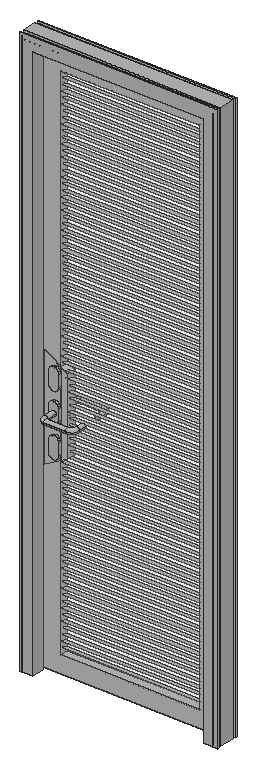
Revit family "Doors_Swing_Avanti_Systems_Acoustic-Dbl-Glazed", category Doors, Revit 2026 (continued)
Definition of nested family "Blinds"
  Dimensions and locks (in)
    "Width": Sweep 1 sketch curve to Sweep 1 sketch curve
    "Width": Sweep 2 sketch curve to Sweep 2 sketch curve
    equal spacing: group 1, group 2, group 3, group 4, group 5, group 6, group 7, group 8, group 9, group 10, group 11, group 12, group 13, group 14, group 15, group 16, group 17, group 18, group 19, group 20, group 21, group 22, group 23, group 24, group 25, group 26, group 27, group 28, group 29, group 30, group 31, group 32, group 33, group 34, group 35, group 36, group 37, group 38, group 39, group 40, group 41, group 42, group 43, group 44, group 45, group 46, group 47, group 48, group 49, group 50, group 51, group 52, group 53, group 54, group 55, group 56, group 57, group 58, group 59, group 60, group 61, group 62, group 63, group 64, group 65, group 66, group 67, group 68, group 69, group 70, group 71, group 72, group 73, group 74, group 75, group 76, group 77, group 78, group 79, group 80, group 81, group 82, group 83, group 84, group 85, group 86, group 87, group 88  (x2)
    equal spacing: group 88, group 87, group 86, group 85, group 84, group 83, group 82, group 81, group 80, group 79, group 78, group 77, group 76, group 75, group 74, group 73, group 72, group 71, group 70, group 69, group 68, group 67, group 66, group 65, group 64, group 63, group 62, group 61, group 60, group 59, group 58, group 57, group 56, group 55, group 54, group 53, group 52, group 51, group 50, group 49, group 48, group 47, group 46, group 45, group 44, group 43, group 42, group 41, group 40, group 39, group 38, group 37, group 36, group 35, group 34, group 33, group 32, group 31, group 30, group 29, group 28, group 27, group 26, group 25, group 24, group 23, group 22, group 21, group 20, group 19, group 18, group 17, group 16, group 15, group 14, group 13, group 12, group 11, group 10, group 9, group 8, group 7, group 6, group 5, group 4, group 3, group 2, group 1
    "Width": Sweep 3 sketch curve to Sweep 3 sketch curve
    "Width": Sweep 4 sketch curve to Sweep 4 sketch curve
    "Width": Sweep 5 sketch curve to Sweep 5 sketch curve
    "Width": Sweep 6 sketch curve to Sweep 6 sketch curve
    "Width": Sweep 7 sketch curve to Sweep 7 sketch curve
    "Width": Sweep 8 sketch curve to Sweep 8 sketch curve
    "Width": Sweep 9 sketch curve to Sweep 9 sketch curve
    "Width": Sweep 10 sketch curve to Sweep 10 sketch curve
    "Width": Sweep 11 sketch curve to Sweep 11 sketch curve
    "Width": Sweep 12 sketch curve to Sweep 12 sketch curve
    "Width": Sweep 13 sketch curve to Sweep 13 sketch curve
    "Width": Sweep 14 sketch curve to Sweep 14 sketch curve
    "Width": Sweep 15 sketch curve to Sweep 15 sketch curve
    "Width": Sweep 16 sketch curve to Sweep 16 sketch curve
    "Width": Sweep 17 sketch curve to Sweep 17 sketch curve
    "Width": Sweep 18 sketch curve to Sweep 18 sketch curve
    "Width": Sweep 19 sketch curve to Sweep 19 sketch curve
    "Width": Sweep 20 sketch curve to Sweep 20 sketch curve
    "Width": Sweep 21 sketch curve to Sweep 21 sketch curve
    "Width": Sweep 22 sketch curve to Sweep 22 sketch curve
    "Width": Sweep 23 sketch curve to Sweep 23 sketch curve
    "Width": Sweep 24 sketch curve to Sweep 24 sketch curve
    "Width": Sweep 25 sketch curve to Sweep 25 sketch curve
    "Width": Sweep 26 sketch curve to Sweep 26 sketch curve
    "Width": Sweep 27 sketch curve to Sweep 27 sketch curve
    "Width": Sweep 28 sketch curve to Sweep 28 sketch curve
    "Width": Sweep 29 sketch curve to Sweep 29 sketch curve
    "Width": Sweep 30 sketch curve to Sweep 30 sketch curve
    "Width": Sweep 31 sketch curve to Sweep 31 sketch curve
    "Width": Sweep 32 sketch curve to Sweep 32 sketch curve
    "Width": Sweep 33 sketch curve to Sweep 33 sketch curve
    "Width": Sweep 34 sketch curve to Sweep 34 sketch curve
    "Width": Sweep 35 sketch curve to Sweep 35 sketch curve
    "Width": Sweep 36 sketch curve to Sweep 36 sketch curve
    "Width": Sweep 37 sketch curve to Sweep 37 sketch curve
    "Width": Sweep 38 sketch curve to Sweep 38 sketch curve
    "Width": Sweep 39 sketch curve to Sweep 39 sketch curve
    "Width": Sweep 40 sketch curve to Sweep 40 sketch curve
    "Width": Sweep 41 sketch curve to Sweep 41 sketch curve
    "Width": Sweep 42 sketch curve to Sweep 42 sketch curve
    "Width": Sweep 43 sketch curve to Sweep 43 sketch curve
    "Width": Sweep 44 sketch curve to Sweep 44 sketch curve
    "Width": Sweep 45 sketch curve to Sweep 45 sketch curve
    "Width": Sweep 46 sketch curve to Sweep 46 sketch curve
    "Width": Sweep 47 sketch curve to Sweep 47 sketch curve
    "Width": Sweep 48 sketch curve to Sweep 48 sketch curve
    "Width": Sweep 49 sketch curve to Sweep 49 sketch curve
    "Width": Sweep 50 sketch curve to Sweep 50 sketch curve
    "Width": Sweep 51 sketch curve to Sweep 51 sketch curve
    "Width": Sweep 52 sketch curve to Sweep 52 sketch curve
    "Width": Sweep 53 sketch curve to Sweep 53 sketch curve
    "Width": Sweep 54 sketch curve to Sweep 54 sketch curve
    "Width": Sweep 55 sketch curve to Sweep 55 sketch curve
    "Width": Sweep 56 sketch curve to Sweep 56 sketch curve
    "Width": Sweep 57 sketch curve to Sweep 57 sketch curve
    "Width": Sweep 58 sketch curve to Sweep 58 sketch curve
    "Width": Sweep 59 sketch curve to Sweep 59 sketch curve
    "Width": Sweep 60 sketch curve to Sweep 60 sketch curve
    "Width": Sweep 61 sketch curve to Sweep 61 sketch curve
    "Width": Sweep 62 sketch curve to Sweep 62 sketch curve
    "Width": Sweep 63 sketch curve to Sweep 63 sketch curve
    "Width": Sweep 64 sketch curve to Sweep 64 sketch curve
    "Width": Sweep 65 sketch curve to Sweep 65 sketch curve
    "Width": Sweep 66 sketch curve to Sweep 66 sketch curve
    "Width": Sweep 67 sketch curve to Sweep 67 sketch curve
    "Width": Sweep 68 sketch curve to Sweep 68 sketch curve
    "Width": Sweep 69 sketch curve to Sweep 69 sketch curve
    "Width": Sweep 70 sketch curve to Sweep 70 sketch curve
    "Width": Sweep 71 sketch curve to Sweep 71 sketch curve
    "Width": Sweep 72 sketch curve to Sweep 72 sketch curve
    "Width": Sweep 73 sketch curve to Sweep 73 sketch curve
    "Width": Sweep 74 sketch curve to Sweep 74 sketch curve
    "Width": Sweep 75 sketch curve to Sweep 75 sketch curve
    "Width": Sweep 76 sketch curve to Sweep 76 sketch curve
    "Width": Sweep 77 sketch curve to Sweep 77 sketch curve
    "Width": Sweep 78 sketch curve to Sweep 78 sketch curve
    "Width": Sweep 79 sketch curve to Sweep 79 sketch curve
    "Width": Sweep 80 sketch curve to Sweep 80 sketch curve
    "Width": Sweep 81 sketch curve to Sweep 81 sketch curve
    "Width": Sweep 82 sketch curve to Sweep 82 sketch curve
    "Width": Sweep 83 sketch curve to Sweep 83 sketch curve
    "Width": Sweep 84 sketch curve to Sweep 84 sketch curve
    "Width": Sweep 85 sketch curve to Sweep 85 sketch curve
    "Width": Sweep 86 sketch curve to Sweep 86 sketch curve
    "Width": Sweep 87 sketch curve to Sweep 87 sketch curve
    "Width": Sweep 88 sketch curve to Sweep 88 sketch curve
    "Height": plane 4 to plane 5
    equal spacing: plane 4, plane 1 "Center (Front/Back)", plane 5
    aligned and locked: level to plane 2
    aligned and locked: Sweep 1 to plane 4
    aligned and locked: plane 5 to Sweep 88
Definition of nested family "Hinge"
  Parameters (values of type "Family4")
    Material = none
    Default Elevation = 4' - 0"
  Reference planes (in)
    plane 1 "Center (Front/Back)": y = 0
    plane 2: z = 0
    plane 3 "Center (Left/Right)": x = 0
  Forms (in)
    Extrusion 1, solid, material <- "Material"
      sketch origin (0, 0, 0) x (1, 0, 0) y (0, 0, 1)
        loop
          circle (0, 0.25) r 0.25
      from 0 to 4.5
  Lines and regions (in)
    reference lines
      curve 1: line (-0.25, 0, 0) -> (-0.25, -4.5, 0)
      curve 2: line (-0.25, -2.25, 0) -> (0.25, -2.25, 0)
      curve 3: line (0.25, -4.5, 0) -> (0.25, 0, 0)
  Dimensions and locks (in)
    aligned and locked: level to plane 2
Definition of nested family "Handle"
  Parameters (values of type "Lever Handle")
    Width = 2' - 4.58379"
    Type = 1
    Thickness = 0' - 1 3/4"
    Ladder = if(Type = 3, 1 = 1, 1 = 0)  # no
    Panic hardware = if(Type = 4, 1 = 1, 1 = 0)  # no
    Material = none
    Locker [instance] = yes
    Height = 7' - 7.651"
    Glass door = if(Type = 2, 1 = 1, 1 = 0)  # no
    Framed door = if(Type = 1, 1 = 1, 1 = 0)  # yes
    Default Elevation = 4' - 0"
  Reference planes (in)
    plane 1 "Center (Front/Back)": y = 0
    plane 2: z = 0
    plane 3 "Center (Left/Right)": x = 0
    plane 4 "door_up": z = -1.375
    plane 5 "door_down": z = -3.125
    plane 6: z = -4.5
    plane 7: x = -1.25
    plane 8: x = -17.61529
    plane 9: x = -20.33379
    plane 10: x = -17.61529
    plane 11: y = 53.026
    plane 12: y = 0.625
    plane 13: y = 11.125
    plane 14: y = 53.651
    plane 15: y = -38
    plane 16: x = -24.45879
    plane 17 "door": x = 4.125
    plane 18: x = 1.625
    plane 19: y = -20
    plane 20: z = -1.5625
    plane 21: z = -2.9375
  Forms (in)
    Sweep 1, solid, material <- "Material", visible <- "Panic hardware"
      path origin (0, 0, 0) x (1, 0, 0) y (0, 1, 0)
        loop
          line (-1.25, 53.026) -> (-1.25, 4.25)
          arc (-1.25, 4.25) -> (-2.12868, 2.12868) -> (-4.25, 1.25) r 3
          line (-4.25, 1.25) -> (-17.61529, 1.25)
      profile origin (-1.25, 28.638, 0) x (1, 0, 0) y (0, 0, 1)
        loop
          circle (0.625, 0.625) r 0.625
    Sweep 2, solid, material <- "Material", visible <- "Panic hardware"
      path origin (0, 0, 0) x (1, 0, 0) y (0, 0, 1)
        loop
          line (-17.61529, 0) -> (-18.36529, 0)
          arc (-18.36529, 0) -> (-18.87334, -0.21044) -> (-19.08379, -0.7185) r 0.7185
          line (-19.08379, -0.7185) -> (-19.08379, -1.375)
      profile origin (-17.99029, 0, 0) x (0, 0, -1) y (0, -1, 0)
        loop
          circle (-0.625, -0.625) r 0.625
    Sweep 3, solid, material <- "Material", visible <- "Panic hardware"
      path origin (0, 0, -6.75) x (1, 0, 0) y (0, 0, -1)
        loop
          line (-17.61529, -2.25) -> (-18.36529, -2.25)
          arc (-18.36529, -2.25) -> (-18.87334, -2.46044) -> (-19.08379, -2.9685) r 0.7185
          line (-19.08379, -2.9685) -> (-19.08379, -3.625)
      profile origin (-17.99029, 0, -4.5) x (0, 0, -1) y (0, -1, 0)
        loop
          circle (0.625, -0.625) r 0.625
    Sweep 4, solid, material <- "Material", visible <- "Panic hardware"
      path origin (-30, 0, -6.75) x (-1, 0, 0) y (0, 0, -1)
        loop
          line (-12.38471, -2.25) -> (-28.0315, -2.25)
          arc (-28.0315, -2.25) -> (-28.53956, -2.46044) -> (-28.75, -2.9685) r 0.7185
          line (-28.75, -2.9685) -> (-28.75, -3.625)
      profile origin (-9.79189, 0, -4.5) x (0, 0, 1) y (0, -1, 0)
        loop
          circle (-0.625, -0.625) r 0.625
    Extrusion 5, solid, material <- "Material", visible <- "Framed door", not visible
      sketch origin (0, 0, 0) x (1, 0, 0) y (0, 1, 0)
        loop
          line (1.92578, 8.41673) -> (-1.87348, 6.31076) -> (-1.87348, 0.00893) -> (-1.87348, -6.31076) -> (1.92578, -8.41673) -> (1.92578, 0.00435) -> (1.92578, 8.41673)
      from -1.375 to -1.20804
    Extrusion 6, solid, material <- "Material", visible <- "Framed door"
      sketch origin (0, 0, -4.5) x (0, -1, 0) y (1, 0, 0)
        loop
          line (-8.41673, 1.92578) -> (-6.31076, -1.87348) -> (-0.00893, -1.87348) -> (6.31076, -1.87348) -> (8.41673, 1.92578) -> (-0.00435, 1.92578) -> (-8.41673, 1.92578)
      from 1.5625 to 2.9375
    Extrusion 7, solid, material <- "Material", visible <- "Framed door", not visible
      sketch origin (0, 0, -4.5) x (0, -1, 0) y (1, 0, 0)
        loop
          line (-8.41673, 1.92578) -> (-6.31076, -1.87348) -> (-0.00893, -1.87348) -> (6.31076, -1.87348) -> (8.41673, 1.92578) -> (-0.00435, 1.92578) -> (-8.41673, 1.92578)
      from 1.5625 to 2.9375
  Cuts and joins
    joined: Sweep 1, Sweep 2
    joined: Sweep 3, Sweep 4
  Dimensions and locks (in)
    "Thickness": plane 5 "door_down" to plane 4 "door_up"
    locked: plane 3 "Center (Left/Right)" to plane 7 at 1.25
    locked: plane 9 to plane 8 at 2.7185
    locked: plane 9 to Sweep 3 sketch curve at 1.25
    locked: Sweep 2 sketch curve to plane 9 at 1.25
    locked: plane 10 to plane 9 at 2.7185
    locked: Sweep 1 sketch curve to plane 1 "Center (Front/Back)" at 1.25
    locked: plane 3 "Center (Left/Right)" to nested 1 at 0.125
    locked: plane 4 "door_up" to plane 2 at 1.375
    locked: plane 6 to plane 5 "door_down" at 1.375
    locked: plane 12 to plane 1 "Center (Front/Back)" at 0.625
    locked: plane 13 to plane 12 at 10.5
    locked: plane 14 to plane 11 at 0.625
    "Height": plane 14 to plane 15
    locked: plane 1 "Center (Front/Back)" to plane 15 at 38
    locked: plane 3 "Center (Left/Right)" to plane 17 "door" at 4.125
    "Width": plane 16 to plane 17 "door"
    locked: plane 16 to plane 10 at 6.8435
    locked: plane 18 to plane 17 "door" at 2.5
    Extrusion 6 to Extrusion 6 = 0' - 1 3/8"
    locked: plane 4 "door_up" to plane 20 at 0.1875
    locked: plane 21 to plane 5 "door_down" at 0.1875
    aligned and locked: level to plane 2
    aligned and locked: cut or joined group of Sweep 1, Sweep 2 to plane 4 "door_up"
    aligned and locked: plane 4 "door_up" to Sweep 2 sketch curve
    aligned and locked: plane 5 "door_down" to Sweep 3 sketch curve
    aligned and locked: plane 6 to Sweep 3 sketch curve
    aligned and locked: plane 7 to Sweep 4 sketch curve
    aligned and locked: Sweep 4 sketch curve to plane 6
    aligned and locked: plane 8 to Sweep 4 sketch curve
    aligned and locked: plane 8 to Sweep 3 sketch curve
    aligned and locked: plane 10 to Sweep 2 sketch curve
    aligned and locked: plane 10 to Sweep 1 sketch curve
    aligned and locked: plane 11 to Sweep 1 sketch curve
    aligned and locked: plane 5 "door_down" to Sweep 4 sketch curve
    aligned and locked: nested 1 to plane 4 "door_up"
    aligned and locked: plane 13 to nested 1
    aligned and locked: nested 2 to plane 11
    aligned and locked: plane 1 "Center (Front/Back)" to nested 3
    aligned and locked: nested 4 to plane 1 "Center (Front/Back)"
    aligned and locked: nested 4 to plane 3 "Center (Left/Right)"
    aligned and locked: plane 3 "Center (Left/Right)" to nested 3
    aligned and locked: plane 20 to Extrusion 6
    aligned and locked: Extrusion 6 to plane 21
  Nested families (in)
    nested 1: "Family2" at (-1.125, 11.125, 0.22234), visible <- "Panic hardware", type "Family2"
    nested 2: "Family3" at (-0.26102, 53.026, -1.63602), visible <- "Panic hardware", type "Family3"
      with Thickness 0' - 1 3/4"
    nested 3: "Handle Timber" at (0, 0, -3.125), Locker <- "Locker", visible <- "Framed door", type "Handle Timber"
      with Locker yes
    nested 4: "Handle Timber" at (0, 0, -1.375) x (1, 0, 0) z (0, 0, -1), Locker <- "Locker", visible <- "Framed door", type "Handle Timber"
      with Locker yes
    nested 5: "Handle Timber" at (0, 0, -1.375) x (1, 0, 0) z (0, 0.0003, -1), Locker <- "Locker", visible <- "Framed door", type "Handle Timber", not visible
      with Locker yes
    nested 6: "Handle Timber" at (0, 0, -1.375) x (1, 0, 0) z (0, 0, -1), Locker <- "Locker", visible <- "Framed door", type "Handle Timber", not visible
      with Locker yes
    nested 7: "Handle Timber" at (0, 0, -3.125), Locker <- "Locker", visible <- "Framed door", type "Handle Timber", not visible
      with Locker yes
  Definition of nested family "Family2"
    Parameters (values of type "Family2")
      Thickness = 0' - 0 1/2"
      Material = none
      Lock = yes
      Default Elevation = 0' - 0"
    Reference planes (in)
      plane 1 "Center (Front/Back)": y = 0
      plane 2: z = 0
      plane 3 "Center (Left/Right)": x = 0
      plane 4: z = -2.09734
      plane 5: z = -1.59734
    Forms (in)
      Extrusion 1, solid, material <- "Material"
        sketch origin (0, 0, 0) x (0, 1, 0) y (0, 0, 1)
          loop
            line (5.04078, -0.345) -> (5.04078, 0) -> (-2.39922, 0) -> (-2.39922, -0.345) -> (5.04078, -0.345)
        from 0 to 1
      Extrusion 2, solid, material <- "Material"
        sketch origin (0, 0, 0) x (0, 1, 0) y (0, 0, 1)
          loop
            line (-0.3074, -0.345) -> (-1.4374, -0.345) -> (-1.4374, -1.31734) -> (-0.3074, -1.31734) -> (-0.3074, -0.345)
        from 0.32565 to 0.66353
      Extrusion 3, solid, material <- "Material"
        sketch origin (0, 0, 0) x (0, 1, 0) y (0, 0, 1)
          loop
            line (-1.4374, -1.31734) -> (-1.4374, -1.59734) -> (1.43807, -1.59734) -> (1.43807, -1.31734) -> (-1.4374, -1.31734)
        from 0 to 1
      Extrusion 4, solid, material <- "Material"
        sketch origin (0, 0, 0) x (0, 1, 0) y (0, 0, 1)
          loop
            arc (-3.2641, -0.65221) -> (-3.242, -0.64306) -> (-3.23285, -0.62096) r 0.03125
            line (-3.23285, -0.62096) -> (-3.23285, 0) -> (-3.4516, 0) -> (-3.4516, -0.62096)
            arc (-3.4516, -0.62096) -> (-3.44244, -0.64306) -> (-3.42035, -0.65221) r 0.03125
            line (-3.42035, -0.65221) -> (-3.2641, -0.65221)
        from 0.32565 to 0.66353
      Extrusion 5, solid, material <- "Material", visible <- "Lock", not visible
        sketch origin (1, 0, 0) x (0, 1, 0) y (0, 0, 1)
          loop
            circle (0.20853, -3.12734) r 0.58
          loop
            circle (0.20853, -3.12734) r 0.5625
          loop
            circle (-0.07272, -3.12734) r 0.22671
        from 0 to 0.25
      Extrusion 6, solid, material <- "Material", visible <- "Lock", not visible
        sketch origin (1, 0, 0) x (0, 1, 0) y (0, 0, 1)
          loop
            circle (0.20853, -3.12734) r 0.5625
        from 0 to 0.20472
    Lines and regions (in)
      model lines, not visible
        curve 1: line (0, -0.35397, -3.12734) -> (0, 0.39603, -3.12734)
    Dimensions and locks (in)
      "Thickness": plane 4 to plane 5
      locked: plane 5 to plane 2 at 1.59734
      aligned and locked: level to plane 2
      aligned and locked: plane 5 to Extrusion 3 sketch curve
      aligned and locked: Extrusion 3 sketch curve to Extrusion 2
  Definition of nested family "Family3"
    Parameters (values of type "Family3")
      Thickness = 0' - 0 1/2"
      Material = none
      Default Elevation = 0' - 0"
    Reference planes (in)
      plane 1 "Center (Front/Back)": y = 0
      plane 2: z = 0
      plane 3 "Center (Left/Right)": x = 0
      plane 4: z = 0.26102
      plane 5: z = -0.23898
    Forms (in)
      Revolve 1, solid, material <- "Material"
        sketch origin (-0.36398, 0.615, 0.26102) x (0, 0, -1) y (0, 1, 0)
          loop
            line (-0.28125, -0.615) -> (-1.5092, -0.615) -> (-1.5092, -0.995) -> (-0.28125, -0.995) -> (-0.28125, -0.615)
          axis (-1.5092, -0.995) -> (-0.28125, -0.995)
        angle from 0 to 360
    Dimensions and locks (in)
      "Thickness": plane 4 to plane 5
      aligned and locked: level to plane 2
  Definition of nested family "Handle Timber"
    Parameters (values of type "Handle Timber")
      Locker [instance] = yes
      Handle material = none
      Default Elevation = 4' - 0"
    Reference planes (in)
      plane 1 "Center (Front/Back)": y = 0
      plane 2: z = 0
      plane 3 "Center (Left/Right)": x = 0
    Forms (in)
      Extrusion 1, solid, material <- "Handle material"
        sketch origin (0, 0.00944, 0.00975) x (-1, 0, 0) y (0, -1, 0.00026)
          loop
            line (0.82036, -6.01526) -> (0.82036, -4.11121)
            arc (0.82036, -4.11121) -> (0, -3.29085) -> (-0.82036, -4.11121) r 0.82036
            line (-0.82036, -4.11121) -> (-0.82036, -6.01526)
            arc (-0.82036, -6.01526) -> (0, -6.83563) -> (0.82036, -6.01526) r 0.82036
          loop
            line (0.82036, -0.95129) -> (0.82036, 0.95276)
            arc (0.82036, 0.95276) -> (0, 1.77313) -> (-0.82036, 0.95276) r 0.82036
            line (-0.82036, 0.95276) -> (-0.82036, -0.95129)
            arc (-0.82036, -0.95129) -> (0, -1.77165) -> (0.82036, -0.95129) r 0.82036
        from -0.36 to -0.00798
      Sweep 2, solid, material <- "Handle material"
        path origin (0, 0.00944, 0.00975) x (-1, 0, 0) y (0, 0.00026, 1)
          loop
            line (0.00372, -0.36) -> (0.00372, -2.13165)
            arc (0.00372, -2.13165) -> (0.19244, -2.58727) -> (0.64805, -2.77599) r 0.64433
            line (0.64805, -2.77599) -> (4.19136, -2.77599)
            arc (4.19136, -2.77599) -> (4.78191, -2.53137) -> (5.02652, -1.94082) r 0.83517
            line (5.02652, -1.94082) -> (5.02652, -0.63757)
        profile origin (-0.00372, 0.00911, -1.23607) x (-1, 0, 0) y (0, 1, -0.00026)
          loop
            circle (0, 0) r 0.3937
      Extrusion 3, solid, material <- "Handle material", visible <- "Locker"
        sketch origin (0, 0.00944, 0.00975) x (-1, 0, 0) y (0, -1, 0.00026)
          loop
            line (0.82009, 4.11958) -> (0.82408, 6.02363)
            arc (0.82408, 6.02363) -> (0.00543, 6.84571) -> (-0.81665, 6.02706) r 0.82036
            line (-0.81665, 6.02706) -> (-0.82063, 4.12301)
            arc (-0.82063, 4.12301) -> (-0.00199, 3.30093) -> (0.82009, 4.11958) r 0.82036
        from -0.36 to -0.01061
    Lines and regions (in)
      reference lines
        curve 1: line (0, 6.84506, 0) -> (0, -6.83627, 0)
        curve 2: line (-5.42022, 0.00893, 0) -> (0.82036, 0.00893, 0)
    Dimensions and locks (in)
      aligned and locked: level to plane 2
Definition of nested family "Door Frame"
  Reference planes (in)
    plane 1 "Center (Front/Back)": y = 0
    plane 2: z = 0
    plane 3 "Center (Left/Right)": x = 0
  Lines and regions (in)
    model lines, in view "Ref. Level"
      curve 1: arc (-1.01203, 1.32996, 0) -> (-0.98705, 1.35416, 0) -> (-0.96263, 1.3294, 0) r 0.0247
      curve 2: arc (-1.18846, 1.27919, 0) -> (-1.16836, 1.29671, 0) -> (-1.14299, 1.28848, 0) r 0.02706
      curve 3: arc (-0.96263, -0.65973, 0) -> (-0.98705, -0.68449, 0) -> (-1.01203, -0.66029, 0) r 0.0247
      curve 4: arc (-1.144, -0.61721, 0) -> (-1.16937, -0.62544, 0) -> (-1.18947, -0.60792, 0) r 0.02706
      curve 5: arc (-0.42858, 2.14208, 0) -> (-0.41466, 2.13631, 0) -> (-0.40889, 2.12239, 0) r 0.01969
      curve 6: arc (-0.43102, -0.777, 0) -> (-0.4171, -0.78276, 0) -> (-0.41133, -0.79668, 0) r 0.01969
      curve 7: arc (0.4368, 2.31214, 0) -> (0.45072, 2.30638, 0) -> (0.45649, 2.29246, 0) r 0.01969
      curve 8: arc (-1.21399, -1.62487, 0) -> (-1.22791, -1.6191, 0) -> (-1.23368, -1.60518, 0) r 0.01969
      curve 9: arc (0.97015, -1.61502, 0) -> (0.96727, -1.62198, 0) -> (0.96031, -1.62487, 0) r 0.00984
      curve 10: arc (-0.3229, -1.56581, 0) -> (-0.32987, -1.56293, 0) -> (-0.33275, -1.55596, 0) r 0.00984
      curve 11: arc (0.23004, -1.55597, 0) -> (0.22716, -1.56293, 0) -> (0.2202, -1.56581, 0) r 0.00984
      curve 12: arc (0.32847, -1.56581, 0) -> (0.31455, -1.56004, 0) -> (0.30878, -1.54613, 0) r 0.01969
      curve 13: arc (0.90716, -1.54613, 0) -> (0.90139, -1.56004, 0) -> (0.88748, -1.56581, 0) r 0.01969
      curve 14: arc (-0.41133, -1.43995, 0) -> (-0.4171, -1.45387, 0) -> (-0.43102, -1.45964, 0) r 0.01969
      curve 15: arc (-0.40889, 1.47014, 0) -> (-0.41466, 1.45622, 0) -> (-0.42858, 1.45045, 0) r 0.01969
      curve 16: arc (-0.91238, 1.45045, 0) -> (-0.92437, 1.45452, 0) -> (-0.9314, 1.46504, 0) r 0.01969
      curve 17: arc (-0.42933, 1.38746, 0) -> (-0.41541, 1.38169, 0) -> (-0.40964, 1.36777, 0) r 0.01969
      curve 18: arc (-0.93028, -0.79159, 0) -> (-0.92325, -0.78106, 0) -> (-0.91126, -0.777, 0) r 0.01969
      curve 19: arc (0.35806, 2.06619, 0) -> (0.3523, 2.05227, 0) -> (0.33838, 2.04651, 0) r 0.01969
      curve 20: arc (0.35806, 1.16442, 0) -> (0.3523, 1.1505, 0) -> (0.33838, 1.14473, 0) r 0.01969
      curve 21: arc (0.24979, 1.37032, 0) -> (0.23587, 1.37608, 0) -> (0.23011, 1.39, 0) r 0.01969
      curve 22: arc (0.33838, 1.37032, 0) -> (0.3523, 1.36455, 0) -> (0.35806, 1.35063, 0) r 0.01969
      curve 23: arc (0.65519, 0.43309, 0) -> (0.66096, 0.44701, 0) -> (0.67488, 0.45278, 0) r 0.01969
      curve 24: arc (0.7359, 0.45278, 0) -> (0.74843, 0.44759, 0) -> (0.75362, 0.43506, 0) r 0.01772
      curve 25: arc (0.75362, 0.43112, 0) -> (0.74843, 0.4186, 0) -> (0.7359, 0.41341, 0) r 0.01772
      curve 26: arc (0.47617, 0.35238, 0) -> (0.46225, 0.35815, 0) -> (0.45649, 0.37207, 0) r 0.01969
      curve 27: arc (0.65519, 0.37207, 0) -> (0.64943, 0.35815, 0) -> (0.63551, 0.35238, 0) r 0.01969
      curve 28: arc (0.88944, 0.41341, 0) -> (0.87692, 0.4186, 0) -> (0.87173, 0.43112, 0) r 0.01772
      curve 29: arc (0.87173, 0.43506, 0) -> (0.87692, 0.44759, 0) -> (0.88944, 0.45278, 0) r 0.01772
      curve 30: arc (0.95047, 0.45278, 0) -> (0.96439, 0.44701, 0) -> (0.97015, 0.43309, 0) r 0.01969
      curve 31: arc (0.88748, 0.28939, 0) -> (0.90139, 0.28363, 0) -> (0.90716, 0.26971, 0) r 0.01969
      curve 32: arc (0.37775, 1.51492, 0) -> (0.35806, 1.49524, 0) -> (0.33838, 1.51492, 0) r 0.01969
      curve 33: arc (0.33838, 1.94799, 0) -> (0.35806, 1.96768, 0) -> (0.37775, 1.94799, 0) r 0.01969
      curve 34: arc (0.37775, 0.61103, 0) -> (0.35806, 0.59134, 0) -> (0.33838, 0.61103, 0) r 0.01969
      curve 35: arc (0.33838, 1.0441, 0) -> (0.35806, 1.06379, 0) -> (0.37775, 1.0441, 0) r 0.01969
      curve 36: arc (0.23011, 2.02682, 0) -> (0.23587, 2.04074, 0) -> (0.24979, 2.04651, 0) r 0.01969
      curve 37: arc (0.35806, 2.06619, 0) -> (0.3523, 2.05227, 0) -> (0.33838, 2.04651, 0) r 0.01969
      curve 38: arc (-1.2143, 1.33416, 0) -> (-1.22822, 1.33992, 0) -> (-1.23398, 1.35384, 0) r 0.01969
      curve 39: arc (-1.01805, 1.33416, 0) -> (-0.99098, 1.36129, 0) -> (-0.96392, 1.33416, 0) r 0.02706
      curve 40: arc (-0.85767, 1.38167, 0) -> (-0.85128, 1.38596, 0) -> (-0.84373, 1.38746, 0) r 0.01969
      curve 41: arc (-1.23177, -0.6806, 0) -> (-1.226, -0.66668, 0) -> (-1.21208, -0.66091, 0) r 0.01969
      curve 42: arc (-0.96392, -0.66091, 0) -> (-0.99098, -0.68804, 0) -> (-1.01805, -0.66091, 0) r 0.02706
      curve 43: arc (-0.84394, -0.714, 0) -> (-0.85149, -0.7125, 0) -> (-0.85788, -0.70822, 0) r 0.01969
      curve 44: arc (0.30878, 0.26971, 0) -> (0.31455, 0.28363, 0) -> (0.32847, 0.28939, 0) r 0.01969
      curve 45: arc (-1.05302, 2.13905, 0) -> (-1.04384, 2.15096, 0) -> (-1.02893, 2.1529, 0) r 0.01969
      curve 46: arc (-1.03962, 2.11304, 0) -> (-1.05159, 2.12224, 0) -> (-1.05352, 2.13721, 0) r 0.01969
      curve 47: arc (-0.94962, 2.1093, 0) -> (-0.95879, 2.09735, 0) -> (-0.97373, 2.09538, 0) r 0.01969
      curve 48: arc (-1.18098, 2.19365, 0) -> (-1.16902, 2.18447, 0) -> (-1.16706, 2.16954, 0) r 0.01969
      curve 49: arc (-1.20189, 2.19925, 0) -> (-1.20667, 2.20292, 0) -> (-1.20746, 2.20889, 0) r 0.00787
      curve 50: arc (-1.16755, 2.16769, 0) -> (-1.17672, 2.15574, 0) -> (-1.19166, 2.15378, 0) r 0.01969
      curve 51: arc (-0.99215, 2.20623, 0) -> (-0.98737, 2.20256, 0) -> (-0.98658, 2.19658, 0) r 0.00787
      curve 52: arc (-1.19574, 2.25263, 0) -> (-1.19207, 2.25741, 0) -> (-1.1861, 2.2582, 0) r 0.00787
      curve 53: arc (-0.9983, 2.15285, 0) -> (-1.00197, 2.14807, 0) -> (-1.00795, 2.14728, 0) r 0.00787
      curve 54: arc (-1.03074, 1.49329, 0) -> (-1.04565, 1.49524, 0) -> (-1.05483, 1.50714, 0) r 0.01969
      curve 55: arc (-1.00976, 1.49891, 0) -> (-1.00379, 1.49812, 0) -> (-1.00012, 1.49334, 0) r 0.00787
      curve 56: arc (-1.05533, 1.50898, 0) -> (-1.0534, 1.52396, 0) -> (-1.04143, 1.53316, 0) r 0.01969
      curve 57: arc (-0.97481, 1.55101, 0) -> (-0.95987, 1.54904, 0) -> (-0.9507, 1.53709, 0) r 0.01969
      curve 58: arc (-1.16887, 1.47666, 0) -> (-1.17084, 1.46172, 0) -> (-1.18279, 1.45255, 0) r 0.01969
      curve 59: arc (-1.19347, 1.49242, 0) -> (-1.17854, 1.49045, 0) -> (-1.16937, 1.4785, 0) r 0.01969
      curve 60: arc (-1.23398, 1.46646, 0) -> (-1.22992, 1.47844, 0) -> (-1.21939, 1.48547, 0) r 0.01969
      curve 61: arc (-1.20927, 1.4373, 0) -> (-1.20849, 1.44327, 0) -> (-1.20371, 1.44694, 0) r 0.00787
      curve 62: arc (-1.18791, 1.388, 0) -> (-1.19389, 1.38879, 0) -> (-1.19756, 1.39357, 0) r 0.00787
      curve 63: arc (-0.9884, 1.44961, 0) -> (-0.98919, 1.44363, 0) -> (-0.99397, 1.43997, 0) r 0.00787
      curve 64: arc (-0.97481, 1.55101, 0) -> (-0.95987, 1.54904, 0) -> (-0.9507, 1.53709, 0) r 0.01969
      curve 65: arc (-1.23368, -1.49287, 0) -> (-1.22961, -1.48089, 0) -> (-1.21909, -1.47386, 0) r 0.01969
      curve 66: arc (-1.05377, -0.8339, 0) -> (-1.04459, -0.822, 0) -> (-1.02968, -0.82005, 0) r 0.01969
      curve 67: arc (-0.99906, -0.8201, 0) -> (-1.00272, -0.82488, 0) -> (-1.0087, -0.82567, 0) r 0.00787
      curve 68: arc (-1.1683, -0.80526, 0) -> (-1.17748, -0.81721, 0) -> (-1.19241, -0.81918, 0) r 0.01969
      curve 69: arc (-1.02968, -1.46584, 0) -> (-1.04459, -1.46389, 0) -> (-1.05377, -1.45198, 0) r 0.01969
      curve 70: arc (-1.0087, -1.46022, 0) -> (-1.00272, -1.461, 0) -> (-0.99906, -1.46578, 0) r 0.00787
      curve 71: arc (-1.05427, -1.45014, 0) -> (-1.05234, -1.43517, 0) -> (-1.04037, -1.42597, 0) r 0.01969
      curve 72: arc (-1.16781, -1.48247, 0) -> (-1.16978, -1.49741, 0) -> (-1.18173, -1.50658, 0) r 0.01969
      curve 73: arc (-1.19241, -1.46671, 0) -> (-1.17748, -1.46868, 0) -> (-1.1683, -1.48063, 0) r 0.01969
      curve 74: arc (-1.20821, -1.52183, 0) -> (-1.20743, -1.51585, 0) -> (-1.20265, -1.51218, 0) r 0.00787
      curve 75: arc (-0.98734, -1.50952, 0) -> (-0.98812, -1.51549, 0) -> (-0.99291, -1.51916, 0) r 0.00787
      curve 76: arc (-1.04037, -0.85992, 0) -> (-1.05234, -0.85072, 0) -> (-1.05427, -0.83574, 0) r 0.01969
      curve 77: arc (-0.94964, -0.86385, 0) -> (-0.95881, -0.8758, 0) -> (-0.97375, -0.87777, 0) r 0.01969
      curve 78: arc (-1.18173, -0.77931, 0) -> (-1.16978, -0.78848, 0) -> (-1.16781, -0.80341, 0) r 0.01969
      curve 79: arc (-1.20265, -0.7737, 0) -> (-1.20743, -0.77003, 0) -> (-1.20821, -0.76406, 0) r 0.00787
      curve 80: arc (-1.21718, -0.81254, 0) -> (-1.2277, -0.80551, 0) -> (-1.23177, -0.79353, 0) r 0.01969
      curve 81: arc (-1.19649, -0.72032, 0) -> (-1.19283, -0.71554, 0) -> (-1.18685, -0.71476, 0) r 0.00787
      curve 82: arc (-0.99291, -0.76672, 0) -> (-0.98812, -0.77039, 0) -> (-0.98734, -0.77637, 0) r 0.00787
      curve 83: arc (-0.94964, -0.86385, 0) -> (-0.95881, -0.8758, 0) -> (-0.97375, -0.87777, 0) r 0.01969
      curve 84: arc (-0.97448, -1.40831, 0) -> (-0.9622, -1.409, 0) -> (-0.95272, -1.41685, 0) r 0.01969
      curve 85: arc (-1.18685, -1.57113, 0) -> (-1.19283, -1.57034, 0) -> (-1.19649, -1.56556, 0) r 0.00787
      curve 86: arc (-0.33048, 2.24325, 0) -> (-0.3276, 2.25021, 0) -> (-0.32064, 2.25309, 0) r 0.00984
      curve 87: arc (-0.4296, 1.15584, 0) -> (-0.41568, 1.15008, 0) -> (-0.40992, 1.13616, 0) r 0.01969
      curve 88: arc (-0.41076, -0.45625, 0) -> (-0.41653, -0.47016, 0) -> (-0.43044, -0.47592, 0) r 0.01969
      curve 89: arc (-0.41131, -0.69432, 0) -> (-0.41707, -0.70824, 0) -> (-0.43099, -0.714, 0) r 0.01969
      curve 90: arc (-0.55562, 1.2104, 0) -> (-0.54985, 1.22432, 0) -> (-0.53593, 1.23009, 0) r 0.01969
      curve 91: arc (-0.53593, -0.55466, 0) -> (-0.54985, -0.54889, 0) -> (-0.55562, -0.53497, 0) r 0.01969
      curve 92: arc (-0.48869, -0.47592, 0) -> (-0.50261, -0.47015, 0) -> (-0.50837, -0.45623, 0) r 0.01969
      curve 93: arc (-0.50837, 1.13616, 0) -> (-0.50261, 1.15008, 0) -> (-0.48869, 1.15584, 0) r 0.01969
      curve 94: arc (-0.40964, 1.24977, 0) -> (-0.41541, 1.23585, 0) -> (-0.42933, 1.23009, 0) r 0.01969
      curve 95: arc (-0.43099, -0.55466, 0) -> (-0.41707, -0.56043, 0) -> (-0.41131, -0.57434, 0) r 0.01969
      curve 96: arc (0.23004, 1.12505, 0) -> (0.23581, 1.13897, 0) -> (0.24973, 1.14473, 0) r 0.01969
      curve 97: arc (0.09876, 1.81365, 0) -> (0.23096, 1.77823, 0) -> (0.09883, 1.74254, 0) r 0.07087
      curve 98: arc (0.04765, 1.84323, 0) -> (0.12163, 1.90225, 0) -> (0.21603, 1.89542, 0) r 0.12992
      curve 99: arc (0.23011, 1.9043, 0) -> (0.22552, 1.89598, 0) -> (0.21603, 1.89542, 0) r 0.00984
      curve 100: arc (0.21603, 1.66089, 0) -> (0.12176, 1.65402, 0) -> (0.04778, 1.71286, 0) r 0.12992
      curve 101: arc (0.21603, 1.66089, 0) -> (0.22552, 1.66033, 0) -> (0.23011, 1.65201, 0) r 0.00984
      curve 102: arc (0.10004, -1.05831, 0) -> (0.23224, -1.09374, 0) -> (0.10011, -1.12942, 0) r 0.07087
      curve 103: arc (0.11793, -1.21625, 0) -> (0.07842, -1.1938, 0) -> (0.04905, -1.1591, 0) r 0.12992
      curve 104: arc (0.04893, -1.02873, 0) -> (0.12225, -0.96991, 0) -> (0.21606, -0.97595, 0) r 0.12992
      curve 105: arc (0.23004, -0.96702, 0) -> (0.22549, -0.97532, 0) -> (0.21606, -0.97595, 0) r 0.00984
      curve 106: arc (0.21606, -1.21166, 0) -> (0.12237, -1.21774, 0) -> (0.04905, -1.1591, 0) r 0.12992
      curve 107: arc (0.21606, -1.21166, 0) -> (0.22549, -1.21229, 0) -> (0.23004, -1.22059, 0) r 0.00984
      curve 108: line (-1.18846, 1.27919, 0) -> (-1.18846, 0.34175, 0)
      curve 109: line (-1.18846, 0.34175, 0) -> (-1.18846, -0.61039, 0)
      curve 110: line (-1.14299, 1.28848, 0) -> (-0.96307, 1.3218, 0)
      curve 111: line (-0.96307, 1.3218, 0) -> (-0.96263, 1.3294, 0)
      curve 112: line (-0.96263, 1.3294, 0) -> (-0.90504, 1.33416, 0)
      curve 113: line (-0.90504, 1.33416, 0) -> (-0.85767, 1.38167, 0)
      curve 114: line (-1.2143, 1.33416, 0) -> (-1.01203, 1.32996, 0)
      curve 115: line (-1.01203, 1.32996, 0) -> (-1.18846, 1.3177, 0)
      curve 116: line (-1.18846, 1.3177, 0) -> (-1.18846, 1.33043, 0)
      curve 117: line (-1.18846, 1.33043, 0) -> (-1.22784, 1.33043, 0)
      curve 118: line (-1.22784, 1.33043, 0) -> (-1.22784, 0.34175, 0)
      curve 119: line (-1.22784, 0.34175, 0) -> (-1.22784, -0.66077, 0)
      curve 120: line (-1.22784, -0.66077, 0) -> (-1.18846, -0.66077, 0)
      curve 121: line (-1.18846, -0.66077, 0) -> (-1.18846, -0.64803, 0)
      curve 122: line (-1.18846, -0.64803, 0) -> (-1.01203, -0.66029, 0)
      curve 123: line (-1.01203, -0.66029, 0) -> (-1.21215, -0.66091, 0)
      curve 124: line (-1.21208, -0.66091, 0) -> (-1.01805, -0.66091, 0)
      curve 125: line (-1.14299, -0.61881, 0) -> (-0.96307, -0.65213, 0)
      curve 126: line (-0.96307, -0.65213, 0) -> (-0.96263, -0.65973, 0)
      curve 127: line (-0.96263, -0.65973, 0) -> (-0.90504, -0.66091, 0)
      curve 128: line (-0.90504, -0.66091, 0) -> (-0.85788, -0.70822, 0)
      curve 129: line (-0.40889, 2.12239, 0) -> (-0.40889, 1.47014, 0)
      curve 130: line (-0.41133, -1.43995, 0) -> (-0.41133, -0.79668, 0)
      curve 131: line (-1.2143, 2.31214, 0) -> (0.4368, 2.31214, 0)
      curve 132: line (-0.94962, 2.1093, 0) -> (-0.94084, 2.14208, 0)
      curve 133: line (-0.94084, 2.14208, 0) -> (-0.79988, 2.14208, 0)
      curve 134: line (-0.79988, 2.14208, 0) -> (-0.79988, 2.18617, 0)
      curve 135: line (-0.79988, 2.18617, 0) -> (-0.92011, 2.18617, 0)
      curve 136: line (-0.92011, 2.18617, 0) -> (-0.92011, 2.25309, 0)
      curve 137: line (-0.92011, 2.25309, 0) -> (-0.41814, 2.25309, 0)
      curve 138: line (-0.41814, 2.25309, 0) -> (-0.41814, 2.18617, 0)
      curve 139: line (-0.32064, 2.25309, 0) -> (0.35806, 2.25309, 0)
      curve 140: line (0.35806, 2.25309, 0) -> (0.35806, 2.06619, 0)
      curve 141: line (-1.21399, -1.62487, 0) -> (0.96031, -1.62487, 0)
      curve 142: line (-0.95272, -1.41685, 0) -> (-0.94129, -1.45951, 0)
      curve 143: line (-0.94129, -1.45951, 0) -> (-0.80104, -1.45951, 0)
      curve 144: line (-0.80104, -1.45951, 0) -> (-0.80104, -1.49888, 0)
      curve 145: line (-0.80104, -1.49888, 0) -> (-0.92197, -1.49888, 0)
      curve 146: line (-0.92197, -1.49888, 0) -> (-0.92197, -1.56581, 0)
      curve 147: line (-0.92197, -1.56581, 0) -> (-0.42, -1.56581, 0)
      curve 148: line (-0.42, -1.56581, 0) -> (-0.42, -1.49901, 0)
      curve 149: line (-0.42, -1.49901, 0) -> (-0.54974, -1.49901, 0)
      curve 150: line (-0.54974, -1.49901, 0) -> (-0.54974, -1.45964, 0)
      curve 151: line (-0.3229, -1.56581, 0) -> (0.2202, -1.56581, 0)
      curve 152: line (0.32847, -1.56581, 0) -> (0.88748, -1.56581, 0)
      curve 153: line (-0.41814, 2.18617, 0) -> (-0.54408, 2.18617, 0)
      curve 154: line (-0.54408, 2.18617, 0) -> (-0.54408, 2.14208, 0)
      curve 155: line (-0.54408, 2.14208, 0) -> (-0.42858, 2.14208, 0)
      curve 156: line (-0.43102, -1.45964, 0) -> (-0.54974, -1.45964, 0)
      curve 157: line (-0.91238, 1.45045, 0) -> (-0.42858, 1.45045, 0)
      curve 158: line (-0.84373, 1.38746, 0) -> (-0.42933, 1.38746, 0)
      curve 159: line (-0.91126, -0.777, 0) -> (-0.43102, -0.777, 0)
      curve 160: line (-0.84394, -0.714, 0) -> (-0.43099, -0.714, 0)
      curve 161: line (0.35806, 1.35063, 0) -> (0.35806, 1.16442, 0)
      curve 162: line (0.23011, 2.02682, 0) -> (0.23011, 1.9043, 0)
      curve 163: line (0.37775, 0.61103, 0) -> (0.45649, 0.61103, 0)
      curve 164: line (0.45649, 0.61103, 0) -> (0.45649, 0.37207, 0)
      curve 165: line (0.65519, 0.37207, 0) -> (0.65519, 0.43309, 0)
      curve 166: line (0.67488, 0.45278, 0) -> (0.7359, 0.45278, 0)
      curve 167: line (0.47617, 0.35238, 0) -> (0.63551, 0.35238, 0)
      curve 168: line (0.7359, 0.41341, 0) -> (0.7044, 0.41341, 0)
      curve 169: line (0.7044, 0.41341, 0) -> (0.7044, 0.35238, 0)
      curve 170: line (0.7044, 0.35238, 0) -> (0.92094, 0.35238, 0)
      curve 171: line (0.92094, 0.35238, 0) -> (0.92094, 0.41341, 0)
      curve 172: line (0.92094, 0.41341, 0) -> (0.88944, 0.41341, 0)
      curve 173: line (0.88944, 0.45278, 0) -> (0.95047, 0.45278, 0)
      curve 174: line (0.97015, 0.43309, 0) -> (0.97015, -1.61502, 0)
      curve 175: line (0.90716, 0.26971, 0) -> (0.90716, -1.54613, 0)
      curve 176: line (0.33838, 1.37032, 0) -> (0.24979, 1.37032, 0)
      curve 177: line (0.88748, 0.28939, 0) -> (0.32847, 0.28939, 0)
      curve 178: line (0.33838, 1.51492, 0) -> (0.33838, 1.94799, 0)
      curve 179: line (0.33838, 1.94799, 0) -> (0.33838, 1.51492, 0)
      curve 180: line (0.45649, 1.0441, 0) -> (0.45649, 1.51492, 0)
      curve 181: line (0.45649, 1.51492, 0) -> (0.37775, 1.51492, 0)
      curve 182: line (0.37775, 1.94799, 0) -> (0.45649, 1.94799, 0)
      curve 183: line (0.45649, 1.94799, 0) -> (0.37775, 1.94799, 0)
      curve 184: line (0.33838, 0.61103, 0) -> (0.33838, 1.0441, 0)
      curve 185: line (0.33838, 1.0441, 0) -> (0.33838, 0.61103, 0)
      curve 186: line (0.37775, 1.0441, 0) -> (0.45649, 1.0441, 0)
      curve 187: line (0.45649, 1.0441, 0) -> (0.37775, 1.0441, 0)
      curve 188: line (0.33838, 2.04651, 0) -> (0.24979, 2.04651, 0)
      curve 189: line (0.45649, 1.94799, 0) -> (0.45649, 2.29246, 0)
      curve 190: line (0.30878, 0.26971, 0) -> (0.30878, -1.54613, 0)
      curve 191: line (0.23004, -1.22059, 0) -> (0.23004, -1.55597, 0)
      curve 192: line (-1.00795, 2.14728, 0) -> (-1.02893, 2.1529, 0)
      curve 193: line (-0.97373, 2.09538, 0) -> (-1.03962, 2.11304, 0)
      curve 194: line (-1.18098, 2.19365, 0) -> (-1.20189, 2.19925, 0)
      curve 195: line (-1.19166, 2.15378, 0) -> (-1.21939, 2.16121, 0)
      curve 196: line (-1.20746, 2.20889, 0) -> (-1.19574, 2.25263, 0)
      curve 197: line (-1.1861, 2.2582, 0) -> (-0.99215, 2.20623, 0)
      curve 198: line (-0.98658, 2.19658, 0) -> (-0.9983, 2.15285, 0)
      curve 199: line (-1.00976, 1.49891, 0) -> (-1.03074, 1.49329, 0)
      curve 200: line (-0.97481, 1.55101, 0) -> (-1.04143, 1.53316, 0)
      curve 201: line (-1.18279, 1.45255, 0) -> (-1.20371, 1.44694, 0)
      curve 202: line (-1.19347, 1.49242, 0) -> (-1.21939, 1.48547, 0)
      curve 203: line (-1.20927, 1.4373, 0) -> (-1.19756, 1.39357, 0)
      curve 204: line (-1.18791, 1.388, 0) -> (-0.99397, 1.43997, 0)
      curve 205: line (-0.9884, 1.44961, 0) -> (-1.00012, 1.49334, 0)
      curve 206: line (-0.9314, 1.46504, 0) -> (-0.9507, 1.53709, 0)
      curve 207: line (-1.23368, -1.49287, 0) -> (-1.23368, -1.60518, 0)
      curve 208: line (-1.0087, -0.82567, 0) -> (-1.02968, -0.82005, 0)
      curve 209: line (-1.19241, -0.81918, 0) -> (-1.21718, -0.81254, 0)
      curve 210: line (-1.0087, -1.46022, 0) -> (-1.02968, -1.46584, 0)
      curve 211: line (-0.97448, -1.40831, 0) -> (-1.04037, -1.42597, 0)
      curve 212: line (-1.18173, -1.50658, 0) -> (-1.20265, -1.51218, 0)
      curve 213: line (-1.19241, -1.46671, 0) -> (-1.21909, -1.47386, 0)
      curve 214: line (-1.20821, -1.52183, 0) -> (-1.19649, -1.56556, 0)
      curve 215: line (-0.98734, -1.50952, 0) -> (-0.99906, -1.46578, 0)
      curve 216: line (-0.97375, -0.87777, 0) -> (-1.04037, -0.85992, 0)
      curve 217: line (-1.18173, -0.77931, 0) -> (-1.20265, -0.7737, 0)
      curve 218: line (-1.20821, -0.76406, 0) -> (-1.19649, -0.72032, 0)
      curve 219: line (-1.18685, -0.71476, 0) -> (-0.99291, -0.76672, 0)
      curve 220: line (-0.98734, -0.77637, 0) -> (-0.99906, -0.8201, 0)
      curve 221: line (-0.93028, -0.79159, 0) -> (-0.94964, -0.86385, 0)
      curve 222: line (-1.23177, -0.6806, 0) -> (-1.23177, -0.79353, 0)
      curve 223: line (-0.99291, -1.51916, 0) -> (-1.18685, -1.57113, 0)
      curve 224: line (-0.33048, 2.24325, 0) -> (-0.33048, -1.55596, 0)
      curve 225: line (-0.40992, 1.13616, 0) -> (-0.40992, -0.45625, 0)
      curve 226: line (-0.55562, 1.2104, 0) -> (-0.55562, 1.01379, 0)
      curve 227: line (-0.55562, 1.01379, 0) -> (-0.50837, 1.01379, 0)
      curve 228: line (-0.50837, 1.01379, 0) -> (-0.50837, 1.13616, 0)
      curve 229: line (-0.55562, -0.53497, 0) -> (-0.55562, -0.35207, 0)
      curve 230: line (-0.55562, -0.35207, 0) -> (-0.55562, -0.39718, 0)
      curve 231: line (-0.43044, -0.47592, 0) -> (-0.48869, -0.47592, 0)
      curve 232: line (-0.43099, -0.55466, 0) -> (-0.53593, -0.55466, 0)
      curve 233: line (-0.4296, 1.15584, 0) -> (-0.48869, 1.15584, 0)
      curve 234: line (-0.55562, -0.35207, 0) -> (-0.50837, -0.35207, 0)
      curve 235: line (-0.50837, -0.35207, 0) -> (-0.50837, -0.45623, 0)
      curve 236: line (-0.53593, 1.23009, 0) -> (-0.42933, 1.23009, 0)
      curve 237: line (-0.40964, 1.36777, 0) -> (-0.40964, 1.24977, 0)
      curve 238: line (-0.41131, -0.69432, 0) -> (-0.41131, -0.57434, 0)
      curve 239: line (0.33838, 1.14473, 0) -> (0.24973, 1.14473, 0)
      curve 240: line (0.09876, 1.81365, 0) -> (0.04765, 1.84323, 0)
      curve 241: line (0.09883, 1.74254, 0) -> (0.04778, 1.71286, 0)
      curve 242: line (0.10004, -1.05831, 0) -> (0.04893, -1.02873, 0)
      curve 243: line (0.10011, -1.12942, 0) -> (0.04905, -1.1591, 0)
      curve 244: line (0.23004, 1.12505, 0) -> (0.23004, -0.96702, 0)
      curve 245: line (0.23011, 1.39, 0) -> (0.23011, 1.65201, 0)
      curve 246: line (-1.23398, 1.35384, 0) -> (-1.23398, 1.46646, 0)
      curve 247: line (-1.23398, 2.18022, 0) -> (-1.23398, 2.29246, 0)
      curve 248: arc (-1.21939, 2.16121, 0) -> (-1.22992, 2.16824, 0) -> (-1.23398, 2.18022, 0) r 0.01969
      curve 249: arc (-1.23398, 2.29246, 0) -> (-1.22822, 2.30638, 0) -> (-1.2143, 2.31214, 0) r 0.01969
      curve 250: line (0.84585, 0.28939, 0) -> (0.81145, -1.56581, 0)
      curve 251: line (0.82787, 0.28939, 0) -> (0.77545, -1.56581, 0)
      curve 252: line (0.74274, 0.28939, 0) -> (0.71968, -1.56581, 0)
      curve 253: line (0.69445, 0.28939, 0) -> (0.66976, -1.56581, 0)
      curve 254: line (0.60063, 0.28939, 0) -> (0.63342, -1.56581, 0)
      curve 255: line (0.58179, 0.28939, 0) -> (0.54739, -1.56581, 0)
      curve 256: line (0.56381, 0.28939, 0) -> (0.51138, -1.56581, 0)
      curve 257: line (0.47868, 0.28939, 0) -> (0.45561, -1.56581, 0)
      curve 258: line (0.43038, 0.28939, 0) -> (0.4057, -1.56581, 0)
      curve 259: line (0.33657, 0.28939, 0) -> (0.36935, -1.56581, 0)
      curve 260: arc (1.47298, 1.55685, 0) -> (1.49242, 1.43749, 0) -> (1.47171, 1.31834, 0) r 0.36431
      curve 261: line (1.07997, 1.33821, 0) -> (1.47749, 1.33821, 0)
      curve 262: line (1.07997, 1.31834, 0) -> (1.47171, 1.31834, 0)
      curve 263: line (1.07997, 1.53697, 0) -> (1.47749, 1.53697, 0)
      curve 264: line (1.07997, 1.55685, 0) -> (1.47298, 1.55685, 0)
      curve 265: line (1.07997, 1.58711, 0) -> (1.47749, 1.58711, 0)
      curve 266: line (1.47749, 1.58711, 0) -> (1.47749, 1.26909, 0)
      curve 267: line (1.47749, 1.26909, 0) -> (1.07997, 1.26909, 0)
      curve 268: arc (3.58829, 0.92081, 0) -> (3.565, 0.86459, 0) -> (3.50878, 0.84131, 0) r 0.0795
      curve 269: arc (3.50878, 2.03388, 0) -> (3.565, 2.01059, 0) -> (3.58829, 1.95437, 0) r 0.0795
      curve 270: arc (1.99386, 1.97425, 0) -> (2.03603, 1.95679, 0) -> (2.05349, 1.91462, 0) r 0.05963
      curve 271: arc (2.05349, 0.96057, 0) -> (2.03603, 0.9184, 0) -> (1.99386, 0.90094, 0) r 0.05963
      curve 272: arc (1.99386, 0.84131, 0) -> (2.07819, 0.87624, 0) -> (2.11312, 0.96057, 0) r 0.11926
      curve 273: arc (2.11312, 1.91462, 0) -> (2.07819, 1.99895, 0) -> (1.99386, 2.03388, 0) r 0.11926
      curve 274: line (3.58829, 1.95437, 0) -> (3.58829, 0.92081, 0)
      curve 275: line (1.07997, 1.70992, 0) -> (2.05349, 1.70992, 0)
      curve 276: line (1.07997, 1.15338, 0) -> (2.05349, 1.15338, 0)
      curve 277: line (1.02034, 1.31834, 0) -> (0.81343, 1.31834, 0)
      curve 278: line (0.81343, 1.31834, 0) -> (0.81343, 1.43759, 0)
      curve 279: line (0.67626, 1.55685, 0) -> (0.64884, 1.55685, 0)
      curve 280: line (0.64884, 1.55685, 0) -> (0.52958, 1.67611, 0)
      curve 281: line (0.52958, 1.67611, 0) -> (0.52958, 1.19908, 0)
      curve 282: line (0.52958, 1.19908, 0) -> (0.64884, 1.31834, 0)
      curve 283: line (0.64884, 1.31834, 0) -> (0.67626, 1.31834, 0)
      curve 284: line (0.64884, 1.33821, 0) -> (0.67626, 1.33821, 0)
      curve 285: line (0.81343, 1.33821, 0) -> (1.02034, 1.33821, 0)
      curve 286: line (0.64884, 1.53697, 0) -> (0.67626, 1.53697, 0)
      curve 287: line (0.81343, 1.53697, 0) -> (1.02034, 1.53697, 0)
      curve 288: line (0.81343, 1.55685, 0) -> (1.02034, 1.55685, 0)
      curve 289: line (0.64884, 1.31834, 0) -> (0.64884, 1.55685, 0)
      curve 290: line (3.50878, 2.03388, 0) -> (1.99386, 2.03388, 0)
      curve 291: line (1.99386, 2.03388, 0) -> (0.64114, 2.03388, 0)
      curve 292: line (0.64114, 2.03388, 0) -> (0.64114, 1.97425, 0)
      curve 293: line (0.64114, 1.97425, 0) -> (1.99386, 1.97425, 0)
      curve 294: line (2.05349, 1.91462, 0) -> (2.05349, 0.96057, 0)
      curve 295: line (1.99386, 0.90094, 0) -> (0.64114, 0.90094, 0)
      curve 296: line (0.64114, 0.90094, 0) -> (0.64114, 0.84131, 0)
      curve 297: line (0.64114, 0.84131, 0) -> (1.99386, 0.84131, 0)
      curve 298: line (1.99386, 0.84131, 0) -> (3.50878, 0.84131, 0)
      curve 299: line (2.11312, 0.96057, 0) -> (2.11312, 1.91462, 0)
      curve 300: arc (0.96071, 1.97425, 0) -> (1.04504, 1.93932, 0) -> (1.07997, 1.85499, 0) r 0.11926
      curve 301: arc (1.07997, 1.02019, 0) -> (1.04504, 0.93587, 0) -> (0.96071, 0.90094, 0) r 0.11926
      curve 302: arc (0.96071, 0.96057, 0) -> (1.00287, 0.97803, 0) -> (1.02034, 1.02019, 0) r 0.05963
      curve 303: arc (1.02034, 1.85499, 0) -> (1.00287, 1.89716, 0) -> (0.96071, 1.91462, 0) r 0.05963
      curve 304: arc (0.82908, 1.75561, 0) -> (0.82413, 1.75693, 0) -> (0.82049, 1.76055, 0) r 0.00994
      curve 305: arc (0.72916, 1.90482, 0) -> (0.73407, 1.90352, 0) -> (0.7377, 1.89995, 0) r 0.00994
      curve 306: arc (0.73767, 0.9753, 0) -> (0.73403, 0.97169, 0) -> (0.72908, 0.97037, 0) r 0.00994
      curve 307: arc (0.82049, 1.11464, 0) -> (0.82413, 1.11825, 0) -> (0.82908, 1.11957, 0) r 0.00994
      curve 308: arc (0.82337, 1.23883, 0) -> (0.81634, 1.24174, 0) -> (0.81343, 1.24877, 0) r 0.00994
      curve 309: arc (0.81343, 1.62642, 0) -> (0.81634, 1.63344, 0) -> (0.82337, 1.63636, 0) r 0.00994
      curve 310: line (1.07997, 1.85499, 0) -> (1.07997, 1.02019, 0)
      curve 311: line (0.96071, 0.90094, 0) -> (0.64114, 0.90094, 0)
      curve 312: line (0.64114, 0.90094, 0) -> (0.64114, 0.96057, 0)
      curve 313: line (0.64114, 0.96057, 0) -> (0.96071, 0.96057, 0)
      curve 314: line (1.02034, 1.02019, 0) -> (1.02034, 1.85499, 0)
      curve 315: line (0.96071, 1.91462, 0) -> (0.64114, 1.91462, 0)
      curve 316: line (0.64114, 1.91462, 0) -> (0.64114, 1.97425, 0)
      curve 317: line (0.64114, 1.97425, 0) -> (0.96071, 1.97425, 0)
      curve 318: line (0.82337, 1.63636, 0) -> (1.02034, 1.63636, 0)
      curve 319: line (1.02034, 1.63636, 0) -> (1.02034, 1.75561, 0)
      curve 320: line (1.02034, 1.75561, 0) -> (0.82908, 1.75561, 0)
      curve 321: line (0.82049, 1.76055, 0) -> (0.7377, 1.89995, 0)
      curve 322: line (0.72916, 1.90482, 0) -> (0.64114, 1.90482, 0)
      curve 323: line (0.64114, 1.90482, 0) -> (0.64114, 2.31214, 0)
      curve 324: line (0.64114, 2.31214, 0) -> (0.52187, 2.31214, 0)
      curve 325: line (0.52187, 2.31214, 0) -> (0.61649, 2.31214, 0)
      curve 326: line (0.61649, 2.31214, 0) -> (0.52187, 2.31214, 0)
      curve 327: line (0.52187, 2.31214, 0) -> (0.52187, 1.68204, 0)
      curve 328: line (0.52187, 1.68204, 0) -> (0.67626, 1.55685, 0)
      curve 329: line (0.67626, 1.55685, 0) -> (0.67626, 1.31834, 0)
      curve 330: line (0.67626, 1.31834, 0) -> (0.52187, 1.19315, 0)
      curve 331: line (0.52187, 1.19315, 0) -> (0.52187, 0.56304, 0)
      curve 332: line (0.52187, 0.56304, 0) -> (0.64114, 0.56304, 0)
      curve 333: line (0.64114, 0.56304, 0) -> (0.64114, 0.97037, 0)
      curve 334: line (0.64114, 0.97037, 0) -> (0.72908, 0.97037, 0)
      curve 335: line (0.73767, 0.9753, 0) -> (0.82049, 1.11464, 0)
      curve 336: line (0.82908, 1.11957, 0) -> (1.02034, 1.11957, 0)
      curve 337: line (1.02034, 1.11957, 0) -> (1.02034, 1.23883, 0)
      curve 338: line (1.02034, 1.23883, 0) -> (0.82337, 1.23883, 0)
      curve 339: line (0.81343, 1.24877, 0) -> (0.81343, 1.62642, 0)
      curve 340: line (0.52187, 2.31214, 0) -> (0.64114, 2.31214, 0)
      curve 341: arc (0.34167, 1.0444, 0) -> (0.35927, 1.05991, 0) -> (0.37243, 1.04049, 0) r 0.01563
      curve 342: arc (0.37243, 0.61842, 0) -> (0.35927, 0.599, 0) -> (0.34167, 0.61451, 0) r 0.01563
      curve 343: line (0.455, 1.04049, 0) -> (0.37243, 1.04049, 0)
      curve 344: line (0.43546, 1.02095, 0) -> (0.37684, 1.02095, 0)
      curve 345: line (0.37684, 1.02095, 0) -> (0.34167, 1.0444, 0)
      curve 346: line (0.455, 1.04049, 0) -> (0.455, 0.849, 0)
      curve 347: line (0.455, 0.849, 0) -> (0.455, 0.61842, 0)
      curve 348: line (0.43546, 1.02095, 0) -> (0.43546, 0.849, 0)
      curve 349: line (0.43546, 0.849, 0) -> (0.43546, 0.63796, 0)
      curve 350: line (0.455, 0.61842, 0) -> (0.37243, 0.61842, 0)
      curve 351: line (0.43546, 0.63796, 0) -> (0.37684, 0.63796, 0)
      curve 352: line (0.37684, 0.63796, 0) -> (0.34167, 0.61451, 0)
      curve 353: arc (0.34167, 1.94829, 0) -> (0.35927, 1.9638, 0) -> (0.37244, 1.94439, 0) r 0.01563
      curve 354: arc (0.37244, 1.52231, 0) -> (0.35927, 1.5029, 0) -> (0.34167, 1.51841, 0) r 0.01563
      curve 355: line (0.455, 1.94439, 0) -> (0.37244, 1.94439, 0)
      curve 356: line (0.43546, 1.92485, 0) -> (0.37684, 1.92485, 0)
      curve 357: line (0.37684, 1.92485, 0) -> (0.34167, 1.94829, 0)
      curve 358: line (0.455, 1.94439, 0) -> (0.455, 1.75289, 0)
      curve 359: line (0.455, 1.75289, 0) -> (0.455, 1.52231, 0)
      curve 360: line (0.43546, 1.92485, 0) -> (0.43546, 1.75289, 0)
      curve 361: line (0.43546, 1.75289, 0) -> (0.43546, 1.54186, 0)
      curve 362: line (0.455, 1.52231, 0) -> (0.37244, 1.52231, 0)
      curve 363: line (0.43546, 1.54186, 0) -> (0.37684, 1.54186, 0)
      curve 364: line (0.37684, 1.54186, 0) -> (0.34167, 1.51841, 0)
